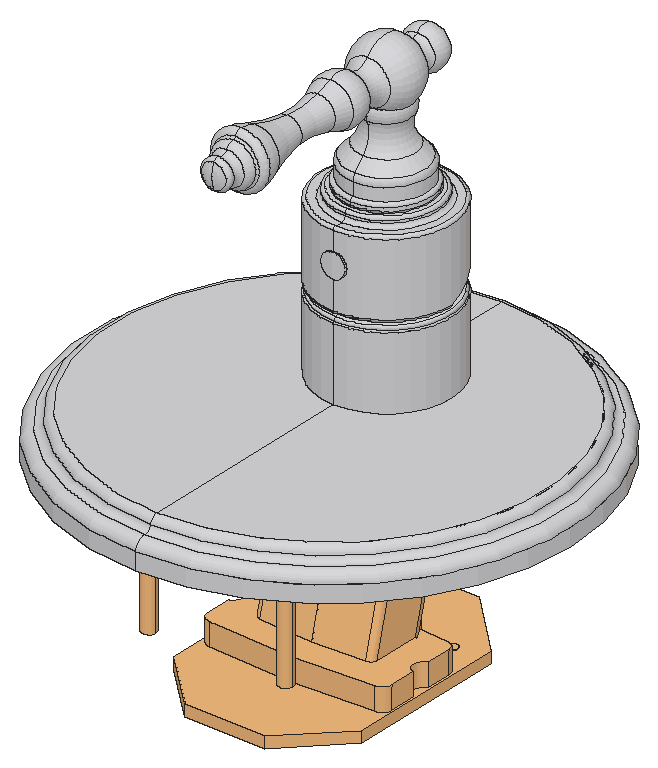
Revit family "Shower-Valve_Trim-KOHLER-MODULO-K-72802T_1", category Plumbing Fixtures, host Face, Revit 2017
Family settings
  Host = Face
  Round Connector Dimension = Use Diameter
  Part Type = Normal
  OmniClass Number = 23.31.25.00
  OmniClass Title = Toilet and Bath Specialties
  Cut with Voids When Loaded = No
  Shared = No
  Room Calculation Point = No
Parameters (values of type "CP-Polished Chrome")
  Width = 7 11/128"  # constant formula
  WaterSense Certified = 1 = 0  # no
  Waste Water Outlet = "Waste Water Outlet"  # constant formula
  Waste Connection = 1 = 0  # no
  Vent Connection = 1 = 0  # no
  URL = "http://www.kohler.com.cn/"
  Type = 1
  Tempered Water Outlet 2 = "Tempered Water Outlet 2"  # constant formula
  Tempered Water Outlet 1 = "Tempered Water Outlet 1"  # constant formula
  Product Page URL = ""
  Product Name = "MODULO"  # constant formula
  Product Documentation Link = ""
  Pressure = 0.00 psi
  Model = "K-72802T-4-CP"  # constant formula
  Material = "Premium Metal Construction"  # constant formula
  Master Format 2014 Name = "Toilet, Bath, and Laundry Accessories"  # constant formula
  Master Format 2014 = "10 28 00"  # constant formula
  Manufacturer Address = "Kohler Beijing Office (100016) 36-2-03-B, No. 88, Liuxiang Road, Beijing"  # constant formula
  Manufacturer = "KOHLER Co."  # constant formula
  Length = 5 9/256"  # constant formula
  Hot Water Inlet = "Hot Water Inlet"  # constant formula
  Height = 7 11/128"  # constant formula
  Handle Clearance = 3 3/16"  # constant formula
  HW Connection = 1 = 1  # yes
  Flow Rate = 0 GPM
  Finish = Kohler-Metal-CP-Polished_Chrome
  Environmental Product Declaration = ""
  Drain Included = 1 = 0  # no
  Description = "CLASSIC SHOWER ONLY TRIM AND VALVE-KELSTON"  # constant formula
  Default Elevation = 42"
  Declare Label = ""
  Date Modified = "07/28/2020"  # constant formula
  Date Created = "07/28/2020"  # constant formula
  Copyright = "Copyright KOHLER Co."  # constant formula
  Contact Us = "http://www.kohler.com.cn/contact/contact-us/"
  Cold Water Inlet = "Cold Water Inlet"  # constant formula
  CW Connection = 1 = 1  # yes
  Assembly Code = "D2010700"
  ADA Compliant = 1 = 0  # no
Reference planes (in)
  plane 1 "Center (Front/Back)": y = 0
  plane 2: z = 0
  plane 3 "Center (Left/Right)": x = 0
  plane 4: y = 3.54331
  plane 5: y = -3.54263
  plane 6: x = -3.54331
  plane 7: x = 3.54263
  plane 8: y = 1.04331
  plane 9: y = -2.14419
  plane 10: y = 2.00793
  plane 11: x = -0.96343
  plane 12: x = 0.96343
  plane 13: z = 0.59055
  plane 14: z = 4.55134
  plane 15: z = 5.03516
  plane 16: z = -2.84375
  plane 17: y = 0.07869
  plane 18: z = 2.91339
  plane 19: z = -2.66757
Forms (in)
  Extrusion 1, void
    sketch origin (0, 0, 0) x (1, 0, 0) y (0, 1, 0)
      loop
        arc (0.9685, -3.01033) -> (1.67561, -2.71744) -> (1.9685, -2.01033) r 1
        line (1.9685, -2.01033) -> (1.9685, 2.01181)
        arc (1.9685, 2.01181) -> (1.67561, 2.71892) -> (0.9685, 3.01181) r 1
        line (0.9685, 3.01181) -> (-0.9685, 3.01181)
        arc (-0.9685, 3.01181) -> (-1.67561, 2.71892) -> (-1.9685, 2.01181) r 1
        line (-1.9685, 2.01181) -> (-1.9685, -2.01033)
        arc (-1.9685, -2.01033) -> (-1.67561, -2.71744) -> (-0.9685, -3.01033) r 1
        line (-0.9685, -3.01033) -> (0.9685, -3.01033)
    from 0 to -2.84375
Dimensions and locks (in)
  "Width": plane 6 to plane 7
  "Height": plane 4 to plane 5
  plane 14 to plane 2 = 4.55134"
  "Length": plane 15 to plane 2
  "Handle Clearance": plane 8 to plane 9
  aligned and locked: plane 2 to host face
  aligned and locked: level to host face
Automatic sketch dimensions
  host sketch curve to host sketch curve = 96"  (x2)
  plane 9 to Extrusion 1 sketch curve = 0.13386"  (x2)
  Extrusion 1 sketch curve to plane 11 = 1.00508"
  Extrusion 1 sketch curve to plane 11 = 0.00508"  (x2)
  Extrusion 1 sketch curve to plane 12 = 0.00508"  (x2)
  Extrusion 1 sketch curve to plane 10 = 0.00388"
Nested families (in)
  nested 1: "K-72802T" at (0, 0, 0), type "K-72802T"
Connectors (in)
  piping at (-0.96343, 1.04331, -2.84375), diameter 0.5, driven by "HW Connection", driven by "Hot Water Inlet", driven by "Flow Rate"
    settings: on nested 1, index 1, connector inside diameter 24", connector length 0", flow factor 0, pipe flow 0 GPM, pressure drop 0.00 psi, fitting loss kfactor 0, connector angle 0.00°, fixture units 0, engagement length 0", angle of deflection 0.00°, flow configuration 0, flow direction 1, fitting loss method 0, system type 19, joint type 0, gender type 0, connector reference index -1, connector utility 1, adjustable connector no, is connector primary yes, connector description "Hot Water Inlet"
  piping at (0.96343, 1.04331, -2.84375), diameter 0.5, driven by "CW Connection", driven by "Cold Water Inlet", driven by "Flow Rate"
    settings: on nested 1, index 2, connector inside diameter 24", connector length 0", flow factor 0, pipe flow 0 GPM, pressure drop 0.00 psi, fitting loss kfactor 0, connector angle 0.00°, fixture units 0, engagement length 0", angle of deflection 0.00°, flow configuration 0, flow direction 1, fitting loss method 0, system type 20, joint type 0, gender type 0, connector reference index -1, connector utility 1, adjustable connector no, is connector primary no, connector description "Cold Water Inlet"
  piping at (0, 0.07869, -2.84375), diameter 0.5, driven by "HW Connection", driven by "Tempered Water Outlet 2", driven by "Flow Rate"
    settings: on nested 1, index 3, connector inside diameter 24", connector length 0", flow factor 0, pipe flow 0 GPM, pressure drop 0.00 psi, fitting loss kfactor 0, connector angle 0.00°, fixture units 0, engagement length 0", angle of deflection 0.00°, flow configuration 0, flow direction 2, fitting loss method 0, system type 19, joint type 0, gender type 0, connector reference index -1, connector utility 1, adjustable connector no, is connector primary no, connector description "Tempered Water Outlet 2"
  piping at (0, 2.00793, -2.84375), diameter 0.5, driven by "HW Connection", driven by "Tempered Water Outlet 1", driven by "Flow Rate"
    settings: on nested 1, index 4, connector inside diameter 24", connector length 0", flow factor 0, pipe flow 0 GPM, pressure drop 0.00 psi, fitting loss kfactor 0, connector angle 0.00°, fixture units 0, engagement length 0", angle of deflection 0.00°, flow configuration 0, flow direction 2, fitting loss method 0, system type 19, joint type 0, gender type 0, connector reference index -1, connector utility 1, adjustable connector no, is connector primary no, connector description "Tempered Water Outlet 1"
Definition of nested family "K-72802T"
  Parameters (values of type "K-72802T")
    Material = none
  Reference planes (in)
    plane 1 "Center (Front/Back)": y = 0
    plane 2: z = 0
    plane 3 "Center (Left/Right)": x = 0
    plane 4: x = -3.54331
    plane 5: x = 3.54331
    plane 6: y = 3.54331
    plane 7: y = -3.54331
    plane 8: y = 1.04331
    plane 9: y = -2.14567
    plane 10: z = 0.59055
    plane 11: z = 4.55134
    plane 12: x = -0.7874
    plane 13: x = 0.7874
    plane 14: z = 5.03659
    plane 15: z = -2.84375
    plane 16: y = 2.00793
    plane 17: y = 0.07869
    plane 18: x = -0.96343
    plane 19: x = 0.96343
  Forms (in)
    Revolve 1, solid, material <- "Material", detail levels medium+fine
      sketch origin (0, 0, 0) x (0, 1, 0) y (0, 0, 1)
        loop
          line (0, 0.59055) -> (0, 0) -> (3.54331, 0) -> (3.54331, 0.24917)
          arc (3.54331, 0.24917) -> (3.49525, 0.35721) -> (3.38283, 0.39385) r 0.14546
          arc (3.38283, 0.39385) -> (3.30959, 0.41558) -> (3.27304, 0.48266) r 0.10004
          arc (3.27304, 0.48266) -> (3.23365, 0.55962) -> (3.15292, 0.59055) r 0.12081
          line (3.15292, 0.59055) -> (0, 0.59055)
        axis (0, 0.59055) -> (0, 0)
      angle from 0 to 360
    Revolve 2, solid, material <- "Material", detail levels medium+fine
      sketch origin (0, 0, 0) x (0, 1, 0) y (0, 0, 1)
        loop
          line (1.04331, 2.18504) -> (0.3553, 2.18504)
          arc (0.3553, 2.18504) -> (0.26929, 2.00604) -> (0.23705, 1.81009) r 0.69947
          arc (0.23705, 1.81009) -> (0.21983, 1.76184) -> (0.1771, 1.7336) r 0.08091
          line (0.1771, 1.7336) -> (0.12428, 1.71945)
          arc (0.12428, 1.71945) -> (0.10201, 1.70166) -> (0.09993, 1.67323) r 0.03559
          arc (0.09993, 1.67323) -> (0.08491, 1.66701) -> (0.07869, 1.65198) r 0.02124
          line (0.07869, 1.65198) -> (0.07869, 0.59055) -> (1.04331, 0.59055) -> (1.04331, 2.18504)
        axis (1.04331, 2.18504) -> (1.04331, 0.59055)
      angle from 0 to 360
    Revolve 3, solid, material <- "Material", detail levels medium+fine
      sketch origin (0, 0, 0) x (0, 1, 0) y (0, 0, 1)
        loop
          arc (2.01056, 4.55134) -> (1.98321, 4.68733) -> (1.9054, 4.80218) r 0.35176
          arc (1.9054, 4.80218) -> (1.75944, 4.86157) -> (1.61397, 4.801) r 0.20701
          arc (1.61397, 4.801) -> (1.51034, 4.76524) -> (1.41823, 4.82466) r 0.12533
          arc (1.41823, 4.82466) -> (1.07482, 5.03399) -> (0.7058, 4.87411) r 0.43703
          arc (0.7058, 4.87411) -> (0.55134, 4.79052) -> (0.38284, 4.84002) r 0.23047
          arc (0.38284, 4.84002) -> (0.20926, 4.91233) -> (0.0239, 4.88066) r 0.33793
          arc (0.0239, 4.88066) -> (-0.08862, 4.8329) -> (-0.20533, 4.79654) r 1.22956
          arc (-0.20533, 4.79654) -> (-0.48174, 4.75204) -> (-0.76161, 4.75919) r 1.51388
          arc (-0.76161, 4.75919) -> (-1.06387, 4.81394) -> (-1.35721, 4.9051) r 2.51744
          arc (-1.35721, 4.9051) -> (-1.48059, 4.9441) -> (-1.60755, 4.96901) r 1.15194
          arc (-1.60755, 4.96901) -> (-1.67485, 4.95189) -> (-1.71105, 4.89263) r 0.09207
          arc (-1.71105, 4.89263) -> (-1.72223, 4.87348) -> (-1.74335, 4.86674) r 0.03092
          arc (-1.74335, 4.86674) -> (-1.81762, 4.85042) -> (-1.87249, 4.79779) r 0.14045
          arc (-1.87249, 4.79779) -> (-1.9382, 4.74884) -> (-2.01913, 4.76159) r 0.10563
          arc (-2.01913, 4.76159) -> (-2.07152, 4.76791) -> (-2.11018, 4.732) r 0.0627
          arc (-2.11018, 4.732) -> (-2.13671, 4.64339) -> (-2.14567, 4.55134) r 0.47763
          line (-2.14567, 4.55134) -> (2.01056, 4.55134)
        axis (2.01056, 4.55134) -> (-2.14567, 4.55134)
      angle from 0 to 360
    Revolve 4, solid, material <- "Material", detail levels medium+fine
      sketch origin (0, 0, 0) x (0, 1, 0) y (0, 0, 1)
        loop
          line (0.10889, 1.78346) -> (1.04331, 1.78346) -> (1.04331, 4.55134) -> (0.76139, 4.55134)
          arc (0.76139, 4.55134) -> (0.74169, 4.47685) -> (0.73107, 4.40054) r 0.64162
          arc (0.73107, 4.40054) -> (0.71769, 4.3156) -> (0.69128, 4.23378) r 0.55169
          arc (0.69128, 4.23378) -> (0.67335, 4.13896) -> (0.69441, 4.04478) r 0.23883
          arc (0.69441, 4.04478) -> (0.72461, 3.81941) -> (0.62625, 3.6144) r 0.39723
          arc (0.62625, 3.6144) -> (0.55172, 3.53358) -> (0.47602, 3.45387) r 7.50681
          arc (0.47602, 3.45387) -> (0.44831, 3.40817) -> (0.44292, 3.355) r 0.12139
          arc (0.44292, 3.355) -> (0.44987, 3.25831) -> (0.44729, 3.16142) r 0.98651
          arc (0.44729, 3.16142) -> (0.41027, 3.15294) -> (0.39379, 3.11872) r 0.04379
          line (0.39379, 3.11872) -> (0.39379, 3.06399)
          arc (0.39379, 3.06399) -> (0.39932, 3.0499) -> (0.41294, 3.04331) r 0.02074
          line (0.41294, 3.04331) -> (0.33545, 3.04331)
          arc (0.33545, 3.04331) -> (0.30644, 3.03129) -> (0.29442, 3.00227) r 0.04103
          line (0.29442, 3.00227) -> (0.29442, 2.97076)
          arc (0.29442, 2.97076) -> (0.27761, 2.93019) -> (0.23704, 2.91339) r 0.05738
          line (0.23704, 2.91339) -> (0.12047, 2.91339)
          arc (0.12047, 2.91339) -> (0.09065, 2.90103) -> (0.07829, 2.87121) r 0.04218
          line (0.07829, 2.87121) -> (0.07829, 1.81407)
          arc (0.07829, 1.81407) -> (0.08725, 1.79243) -> (0.10889, 1.78346) r 0.0306
        axis (1.04331, 4.55134) -> (1.04331, 1.78346)
      angle from 0 to 360
    Extrusion 5, void
      sketch origin (0, 0, 0) x (0, 1, 0) y (0, 0, 1)
        loop
          line (2.1425, 2.24503) -> (0.89217, 1.75353) -> (2.1425, 1.75353) -> (2.1425, 2.24503)
      from -1.10745 to 1.17611
    Extrusion 6, solid, detail levels medium+fine
      sketch origin (0.00225, 0.00359, 0) x (1, 0, 0) y (0, 1, 0)
        loop
          line (-0.97075, -3.0154) -> (0.96626, -3.0154)
          arc (0.96626, -3.0154) -> (1.67336, -2.72251) -> (1.96626, -2.0154) r 1
          line (1.96626, -2.0154) -> (1.96626, 2.00822)
          arc (1.96626, 2.00822) -> (1.67336, 2.71533) -> (0.96626, 3.00822) r 1
          line (0.96626, 3.00822) -> (-0.97075, 3.00822)
          arc (-0.97075, 3.00822) -> (-1.67786, 2.71533) -> (-1.97075, 2.00822) r 1
          line (-1.97075, 2.00822) -> (-1.97075, -2.0154)
          arc (-1.97075, -2.0154) -> (-1.67786, -2.72251) -> (-0.97075, -3.0154) r 1
      from -0.07982 to 0
    Extrusion 7, solid, detail levels medium+fine
      sketch origin (0.00136, 0.0035, 0) x (1, 0, 0) y (0, 1, 0)
        loop
          circle (1.00168, 2.04342) r 0.10271
        loop
          circle (1.00168, -2.05059) r 0.10271
        loop
          circle (-1.00617, 2.04342) r 0.10271
        loop
          circle (-1.00617, -2.05059) r 0.10271
      from -1.79044 to -0.07982
    Sweep 8, solid, detail levels medium+fine
      path origin (-0.00073, 0.01151, -0.00479) x (0, 1, 0) y (0, 0, 1)
        loop
          line (0.78311, -2.79502) -> (1.53342, 0.00517)
      profile origin (-0.00073, 1.16977, -1.39971) x (0, -0.965926, 0.258819) y (1, 0, 0)
        loop
          arc (0.25209, 0.486) -> (0.21961, 0.41977) -> (0.15089, 0.39299) r 0.10156
          line (0.15089, 0.39299) -> (0.11122, 0.39299)
          arc (0.11122, 0.39299) -> (0.04154, 0.36496) -> (0.01069, 0.29648) r 0.10061
          line (0.01069, 0.29648) -> (-0.00149, -0.00225) -> (0.01066, -0.30006)
          arc (0.01066, -0.30006) -> (0.0418, -0.36919) -> (0.11214, -0.39749) r 0.10156
          line (0.11214, -0.39749) -> (0.14307, -0.39749)
          arc (0.14307, -0.39749) -> (0.2118, -0.42427) -> (0.24427, -0.4905) r 0.10156
          line (0.24427, -0.4905) -> (0.26949, -0.78891)
          arc (0.26949, -0.78891) -> (0.30197, -0.85514) -> (0.37069, -0.88192) r 0.10156
          line (0.37069, -0.88192) -> (1.05187, -0.88192)
          arc (1.05187, -0.88192) -> (1.12185, -0.85397) -> (1.1533, -0.7855) r 0.10156
          line (1.1533, -0.7855) -> (1.19295, -0.00225) -> (1.15469, 0.75366)
          arc (1.15469, 0.75366) -> (1.12323, 0.82213) -> (1.05326, 0.85008) r 0.10156
          line (1.05326, 0.85008) -> (0.3762, 0.85008)
          arc (0.3762, 0.85008) -> (0.30747, 0.8233) -> (0.27499, 0.75707) r 0.10156
          line (0.27499, 0.75707) -> (0.25209, 0.486)
    Extrusion 9, solid, detail levels medium+fine
      sketch origin (0.00084, -0.00193, 0) x (1, 0, 0) y (0, 1, 0)
        loop
          arc (0.69439, 0.69724) -> (0.61884, 0.7345) -> (0.5883, 0.81301) r 0.11622
          line (0.5883, 0.81301) -> (0.5883, 0.86632)
          arc (0.5883, 0.86632) -> (0.53381, 1.00191) -> (0.40063, 1.06208) r 0.19594
          line (0.40063, 1.06208) -> (-0.00225, 1.07909) -> (-0.40572, 1.06206)
          arc (-0.40572, 1.06206) -> (-0.53848, 1.00208) -> (-0.5928, 0.86692) r 0.19531
          line (-0.5928, 0.86692) -> (-0.5928, 0.8139)
          arc (-0.5928, 0.8139) -> (-0.62359, 0.73473) -> (-0.69977, 0.69716) r 0.11719
          line (-0.69977, 0.69716) -> (-1.21517, 0.65207)
          arc (-1.21517, 0.65207) -> (-1.31168, 0.60448) -> (-1.35067, 0.5042) r 0.14844
          line (-1.35067, 0.5042) -> (-1.35067, 0.146)
          arc (-1.35067, 0.146) -> (-1.24319, -0.00359) -> (-1.35067, -0.15318) r 0.15784
          line (-1.35067, -0.15318) -> (-1.35067, -0.53234)
          arc (-1.35067, -0.53234) -> (-1.30991, -0.63452) -> (-1.21, -0.68058) r 0.14844
          line (-1.21, -0.68058) -> (-0.00225, -0.74387) -> (1.20551, -0.68058)
          arc (1.20551, -0.68058) -> (1.30541, -0.63452) -> (1.34618, -0.53234) r 0.14844
          line (1.34618, -0.53234) -> (1.34618, -0.15318)
          arc (1.34618, -0.15318) -> (1.23674, -0.00359) -> (1.34618, 0.146) r 0.15696
          line (1.34618, 0.146) -> (1.34618, 0.50371)
          arc (1.34618, 0.50371) -> (1.30704, 0.60435) -> (1.2102, 0.65211) r 0.14896
          line (1.2102, 0.65211) -> (0.69439, 0.69724)
      from -2.82199 to -2.34889
    Extrusion 10, solid, detail levels medium+fine
      sketch origin (-0.00026, 0.06223, 0) x (1, 0, 0) y (0, 1, 0)
        loop
          line (-1.3802, 1.17751) -> (-1.3802, -1.18469) -> (-0.5928, -1.97209) -> (0.5883, -1.97209) -> (1.3757, -1.18469) -> (1.3757, 1.17751) -> (0.46527, 2.08795) -> (-0.46977, 2.08795) -> (-1.3802, 1.17751)
      from -2.84375 to -2.67717
    Extrusion 11, solid, material <- "Material", detail levels medium+fine
      sketch origin (0, 0, 0) x (1, 0, 0) y (0, 0, 1)
        loop
          circle (0, 2.42345) r 0.17717
      from -0.28353 to 0.03914
    Extrusion 12, void
      sketch origin (0, 0, 0) x (1, 0, 0) y (0, 1, 0)
        loop
          line (-0.29378, 0.10181) -> (-0.29378, -0.06663) -> (0.29378, -0.06663) -> (0.29378, 0.10181)
          arc (0.29378, 0.10181) -> (0, 0.058) -> (-0.29378, 0.10181) r 1.00684
      from 2.18504 to 2.76179
    Extrusion 13, void
      sketch origin (0, 0, 0) x (0, 1, 0) y (0, 0, 1)
        loop
          line (1.6905, -0.04345) -> (1.6905, 0.37463) -> (0.25367, 0.37463) -> (0.25367, -0.04345) -> (1.6905, -0.04345)
      from -2.12904 to 2.3774
    Extrusion 14, solid, detail levels coarse
      sketch origin (0, 0, 0) x (1, 0, 0) y (0, 1, 0)
        loop
          line (-1.38046, -1.12246) -> (-0.59306, -1.90987) -> (0.58805, -1.90987) -> (1.37545, -1.12246) -> (1.37545, 1.23974) -> (0.46501, 2.15017) -> (-0.47003, 2.15017) -> (-1.38046, 1.23974) -> (-1.38046, -1.12246)
      from -2.84375 to 0
    Extrusion 15, solid, material <- "Material", detail levels coarse
      sketch origin (0, 0, 0) x (1, 0, 0) y (0, 1, 0)
        loop
          circle (0, 0) r 3.54331
      from 0 to 0.59055
    Revolve 16, solid, material <- "Material", detail levels coarse
      sketch origin (0, 0, 0) x (0, 1, 0) y (0, 0, 1)
        loop
          line (1.04331, 4.55134) -> (0.69441, 4.55134) -> (0.69441, 4.04478) -> (0.44011, 3.54331) -> (0.44011, 3.14961) -> (0.07869, 3.14961) -> (0.07869, 0.59055) -> (1.04331, 0.59055) -> (1.04331, 4.55134)
        axis (1.04331, 4.55134) -> (1.04331, 0.59055)
      angle from 0 to 360
    Revolve 17, solid, material <- "Material", detail levels coarse
      sketch origin (0, 0, 0) x (0, 1, 0) y (0, 0, 1)
        loop
          line (2.01056, 4.55134) -> (2.01056, 4.90171) -> (1.47403, 4.90171) -> (1.47403, 5.03659) -> (0.68663, 5.03659) -> (0.68663, 4.90171) -> (-1.08502, 4.90171) -> (-1.08502, 5.03659) -> (-1.82866, 5.03659) -> (-1.82866, 4.90171) -> (-2.14567, 4.90171) -> (-2.14567, 4.55134) -> (2.01056, 4.55134)
        axis (-2.14567, 4.55134) -> (2.01056, 4.55134)
      angle from 0 to 360
    Extrusion 18, solid, detail levels medium+fine
      sketch origin (0, 0, 0) x (1, 0, 0) y (0, 1, 0)
        loop
          circle (-0.96343, 1.04331) r 0.07874
        loop
          circle (0, 2.00793) r 0.07874
        loop
          circle (0, 0.07869) r 0.07874
        loop
          circle (0.96343, 1.04331) r 0.07874
      from -2.84375 to -2.67717
  Cuts and joins
    Extrusion 5 cuts Revolve 4
    Extrusion 12 cuts Extrusion 11
    joined: Revolve 1, Revolve 2, Revolve 3, Revolve 4, Extrusion 11
    Extrusion 13 cuts Sweep 8
    joined: Extrusion 6, Extrusion 7, Sweep 8
    joined: Extrusion 9, Extrusion 10
    joined: Extrusion 15, Revolve 16, Revolve 17
  Lines and regions (in)
    Masking region 1
      outline origin (0, 0, 0) x (0, 1, 0) y (0, 0, 1)
        loop
          line (2.14972, -2.84375) -> (2.14972, -2.67717) -> (1.08268, -2.67717) -> (1.08268, -2.34889) -> (0.90777, -2.34889) -> (1.51577, -0.07982) -> (1.94429, -0.07982) -> (1.94429, -1.79044) -> (2.14972, -1.79044) -> (2.14972, -0.07982) -> (3.01181, -0.07982) -> (3.01181, 0) -> (-3.01181, 0) -> (-3.01181, -0.07982) -> (-2.14972, -0.07982) -> (-2.14972, -1.79044) -> (-1.94429, -1.79044) -> (-1.94429, -0.07982) -> (0.2792, -0.07982) -> (-0.3288, -2.34889) -> (-0.74028, -2.34889) -> (-0.74028, -2.67717) -> (-1.9685, -2.67717) -> (-1.9685, -2.84375) -> (2.14972, -2.84375)
    Masking region 2
      outline origin (0, 0, 0) x (0, 1, 0) y (0, 0, 1)
        loop
          line (3.54331, 0) -> (3.54331, 0.24917)
          arc (3.54331, 0.24917) -> (3.49525, 0.35721) -> (3.38283, 0.39385) r 0.14546
          arc (3.38283, 0.39385) -> (3.30959, 0.41558) -> (3.27304, 0.48266) r 0.10004
          arc (3.27304, 0.48266) -> (3.23365, 0.55962) -> (3.15292, 0.59055) r 0.12081
          line (3.15292, 0.59055) -> (2.00793, 0.59055) -> (2.00793, 1.65198)
          arc (2.00793, 1.65198) -> (2.00171, 1.66701) -> (1.98668, 1.67323) r 0.02124
          arc (1.98668, 1.67323) -> (1.98461, 1.70166) -> (1.96233, 1.71945) r 0.03559
          line (1.96233, 1.71945) -> (1.90952, 1.7336)
          arc (1.90952, 1.7336) -> (1.86678, 1.76184) -> (1.84956, 1.81009) r 0.08091
          arc (1.84956, 1.81009) -> (1.83014, 1.95995) -> (1.77899, 2.10214) r 0.69947
          line (1.77899, 2.10214) -> (1.98602, 2.18352)
          arc (1.98602, 2.18352) -> (2.00222, 2.19645) -> (2.00832, 2.21626) r 0.03518
          line (2.00832, 2.21626) -> (2.00832, 2.87121)
          arc (2.00832, 2.87121) -> (1.99597, 2.90103) -> (1.96615, 2.91339) r 0.04218
          line (1.96615, 2.91339) -> (1.84957, 2.91339)
          arc (1.84957, 2.91339) -> (1.809, 2.93019) -> (1.7922, 2.97076) r 0.05738
          line (1.7922, 2.97076) -> (1.7922, 3.00227)
          arc (1.7922, 3.00227) -> (1.78018, 3.03129) -> (1.75116, 3.04331) r 0.04103
          line (1.75116, 3.04331) -> (1.67367, 3.04331)
          arc (1.67367, 3.04331) -> (1.6873, 3.0499) -> (1.69282, 3.06399) r 0.02074
          line (1.69282, 3.06399) -> (1.69282, 3.11872)
          arc (1.69282, 3.11872) -> (1.67635, 3.15294) -> (1.63932, 3.16142) r 0.04379
          arc (1.63932, 3.16142) -> (1.63675, 3.25831) -> (1.64369, 3.355) r 0.98651
          arc (1.64369, 3.355) -> (1.6383, 3.40817) -> (1.6106, 3.45387) r 0.12139
          arc (1.6106, 3.45387) -> (1.53489, 3.53358) -> (1.46037, 3.6144) r 7.50681
          arc (1.46037, 3.6144) -> (1.362, 3.81941) -> (1.3922, 4.04478) r 0.39723
          arc (1.3922, 4.04478) -> (1.4133, 4.14249) -> (1.39255, 4.24028) r 0.23883
          arc (1.39255, 4.24028) -> (1.40588, 4.25881) -> (1.41823, 4.27801) r 0.43703
          arc (1.41823, 4.27801) -> (1.51034, 4.33744) -> (1.61397, 4.30167) r 0.12533
          arc (1.61397, 4.30167) -> (1.75944, 4.24111) -> (1.9054, 4.30049) r 0.20701
          arc (1.9054, 4.30049) -> (1.98321, 4.41534) -> (2.01056, 4.55134) r 0.35176
          arc (2.01056, 4.55134) -> (1.98321, 4.68733) -> (1.9054, 4.80218) r 0.35176
          arc (1.9054, 4.80218) -> (1.75944, 4.86157) -> (1.61397, 4.801) r 0.20701
          arc (1.61397, 4.801) -> (1.51034, 4.76524) -> (1.41823, 4.82466) r 0.12533
          arc (1.41823, 4.82466) -> (1.07482, 5.03399) -> (0.7058, 4.87411) r 0.43703
          arc (0.7058, 4.87411) -> (0.55134, 4.79052) -> (0.38284, 4.84002) r 0.23047
          arc (0.38284, 4.84002) -> (0.20926, 4.91233) -> (0.0239, 4.88066) r 0.33793
          arc (0.0239, 4.88066) -> (-0.08862, 4.8329) -> (-0.20533, 4.79654) r 1.22956
          arc (-0.20533, 4.79654) -> (-0.48174, 4.75204) -> (-0.76161, 4.75919) r 1.51388
          arc (-0.76161, 4.75919) -> (-1.06387, 4.81394) -> (-1.35721, 4.9051) r 2.51744
          arc (-1.35721, 4.9051) -> (-1.48059, 4.9441) -> (-1.60755, 4.96901) r 1.15194
          arc (-1.60755, 4.96901) -> (-1.67485, 4.95189) -> (-1.71105, 4.89263) r 0.09207
          arc (-1.71105, 4.89263) -> (-1.72223, 4.87348) -> (-1.74335, 4.86674) r 0.03092
          arc (-1.74335, 4.86674) -> (-1.81762, 4.85042) -> (-1.87249, 4.79779) r 0.14045
          arc (-1.87249, 4.79779) -> (-1.9382, 4.74884) -> (-2.01913, 4.76159) r 0.10563
          arc (-2.01913, 4.76159) -> (-2.07152, 4.76791) -> (-2.11018, 4.732) r 0.0627
          arc (-2.11018, 4.732) -> (-2.13671, 4.64339) -> (-2.14567, 4.55134) r 0.47763
          arc (-2.14567, 4.55134) -> (-2.13671, 4.45928) -> (-2.11018, 4.37067) r 0.47763
          arc (-2.11018, 4.37067) -> (-2.07152, 4.33476) -> (-2.01913, 4.34109) r 0.0627
          arc (-2.01913, 4.34109) -> (-1.9382, 4.35384) -> (-1.87249, 4.30488) r 0.10563
          arc (-1.87249, 4.30488) -> (-1.81762, 4.25225) -> (-1.74335, 4.23593) r 0.14045
          arc (-1.74335, 4.23593) -> (-1.72223, 4.22919) -> (-1.71105, 4.21004) r 0.03092
          arc (-1.71105, 4.21004) -> (-1.67485, 4.15078) -> (-1.60755, 4.13366) r 0.09207
          arc (-1.60755, 4.13366) -> (-1.48059, 4.15858) -> (-1.35721, 4.19757) r 1.15194
          arc (-1.35721, 4.19757) -> (-1.06387, 4.28873) -> (-0.76161, 4.34348) r 2.51744
          arc (-0.76161, 4.34348) -> (-0.48174, 4.35064) -> (-0.20533, 4.30613) r 1.51388
          arc (-0.20533, 4.30613) -> (-0.08862, 4.26978) -> (0.0239, 4.22201) r 1.22956
          arc (0.0239, 4.22201) -> (0.20926, 4.19035) -> (0.38284, 4.26265) r 0.33793
          arc (0.38284, 4.26265) -> (0.54285, 4.31289) -> (0.69455, 4.24136) r 0.23047
          arc (0.69455, 4.24136) -> (0.67332, 4.14309) -> (0.69441, 4.04478) r 0.23883
          arc (0.69441, 4.04478) -> (0.72461, 3.81941) -> (0.62625, 3.6144) r 0.39723
          arc (0.62625, 3.6144) -> (0.55172, 3.53358) -> (0.47602, 3.45387) r 7.50681
          arc (0.47602, 3.45387) -> (0.44831, 3.40817) -> (0.44292, 3.355) r 0.12139
          arc (0.44292, 3.355) -> (0.44987, 3.25831) -> (0.44729, 3.16142) r 0.98651
          arc (0.44729, 3.16142) -> (0.41027, 3.15294) -> (0.39379, 3.11872) r 0.04379
          line (0.39379, 3.11872) -> (0.39379, 3.06399)
          arc (0.39379, 3.06399) -> (0.39932, 3.0499) -> (0.41294, 3.04331) r 0.02074
          line (0.41294, 3.04331) -> (0.33545, 3.04331)
          arc (0.33545, 3.04331) -> (0.30644, 3.03129) -> (0.29442, 3.00227) r 0.04103
          line (0.29442, 3.00227) -> (0.29442, 2.97076)
          arc (0.29442, 2.97076) -> (0.27761, 2.93019) -> (0.23704, 2.91339) r 0.05738
          line (0.23704, 2.91339) -> (0.12047, 2.91339)
          arc (0.12047, 2.91339) -> (0.09065, 2.90103) -> (0.07829, 2.87121) r 0.04218
          line (0.07829, 2.87121) -> (0.07829, 2.62841) -> (0.0581, 2.60061) -> (0.0581, 2.24928) -> (0.07829, 2.22044) -> (0.07829, 1.81407)
          arc (0.07829, 1.81407) -> (0.08725, 1.79243) -> (0.10889, 1.78346) r 0.0306
          line (0.10889, 1.78346) -> (0.23196, 1.78346)
          arc (0.23196, 1.78346) -> (0.21057, 1.75188) -> (0.1771, 1.7336) r 0.08091
          line (0.1771, 1.7336) -> (0.12428, 1.71945)
          arc (0.12428, 1.71945) -> (0.10201, 1.70166) -> (0.09993, 1.67323) r 0.03559
          arc (0.09993, 1.67323) -> (0.08491, 1.66701) -> (0.07869, 1.65198) r 0.02124
          line (0.07869, 1.65198) -> (0.07869, 0.59055) -> (-3.15292, 0.59055)
          arc (-3.15292, 0.59055) -> (-3.23365, 0.55962) -> (-3.27304, 0.48266) r 0.12081
          arc (-3.27304, 0.48266) -> (-3.30959, 0.41558) -> (-3.38283, 0.39385) r 0.10004
          arc (-3.38283, 0.39385) -> (-3.49525, 0.35721) -> (-3.54331, 0.24917) r 0.14546
          line (-3.54331, 0.24917) -> (-3.54331, 0) -> (0, 0) -> (3.54331, 0)
    Masking region 3
      outline origin (0, 0, 0) x (1, 0, 0) y (0, 0, 1)
        loop
          line (3.54331, 0) -> (3.54331, 0.24917)
          arc (3.54331, 0.24917) -> (3.49525, 0.35721) -> (3.38283, 0.39385) r 0.14546
          arc (3.38283, 0.39385) -> (3.30959, 0.41558) -> (3.27304, 0.48266) r 0.10004
          arc (3.27304, 0.48266) -> (3.23365, 0.55962) -> (3.15292, 0.59055) r 0.12081
          line (3.15292, 0.59055) -> (0.96337, 0.59055) -> (0.96337, 1.65198)
          arc (0.96337, 1.65198) -> (0.95714, 1.66701) -> (0.94212, 1.67323) r 0.02124
          arc (0.94212, 1.67323) -> (0.94004, 1.70166) -> (0.91777, 1.71945) r 0.03559
          line (0.91777, 1.71945) -> (0.86496, 1.7336)
          arc (0.86496, 1.7336) -> (0.83148, 1.75188) -> (0.81009, 1.78346) r 0.08091
          line (0.81009, 1.78346) -> (0.93567, 1.78346)
          arc (0.93567, 1.78346) -> (0.96124, 1.79726) -> (0.96376, 1.82621) r 0.0306
          line (0.96376, 1.82621) -> (0.96376, 2.87121)
          arc (0.96376, 2.87121) -> (0.95141, 2.90103) -> (0.92158, 2.91339) r 0.04218
          line (0.92158, 2.91339) -> (0.80501, 2.91339)
          arc (0.80501, 2.91339) -> (0.76444, 2.93019) -> (0.74763, 2.97076) r 0.05738
          line (0.74763, 2.97076) -> (0.74763, 3.00227)
          arc (0.74763, 3.00227) -> (0.73561, 3.03129) -> (0.7066, 3.04331) r 0.04103
          line (0.7066, 3.04331) -> (0.62911, 3.04331)
          arc (0.62911, 3.04331) -> (0.64273, 3.0499) -> (0.64826, 3.06399) r 0.02074
          line (0.64826, 3.06399) -> (0.64826, 3.11872)
          arc (0.64826, 3.11872) -> (0.63179, 3.15294) -> (0.59476, 3.16142) r 0.04379
          arc (0.59476, 3.16142) -> (0.59219, 3.25831) -> (0.59913, 3.355) r 0.98651
          arc (0.59913, 3.355) -> (0.59374, 3.40817) -> (0.56603, 3.45387) r 0.12139
          arc (0.56603, 3.45387) -> (0.49033, 3.53358) -> (0.4158, 3.6144) r 7.50681
          arc (0.4158, 3.6144) -> (0.31744, 3.81941) -> (0.34764, 4.04478) r 0.39723
          arc (0.34764, 4.04478) -> (0.36855, 4.13346) -> (0.35473, 4.22351) r 0.23883
          arc (0.35473, 4.22351) -> (0.44355, 4.74618) -> (0, 5.03659) r 0.48392
          arc (0, 5.03659) -> (-0.44302, 4.7474) -> (-0.35653, 4.22546) r 0.48392
          arc (-0.35653, 4.22546) -> (-0.3711, 4.13449) -> (-0.35015, 4.04478) r 0.23883
          arc (-0.35015, 4.04478) -> (-0.31995, 3.81941) -> (-0.41832, 3.6144) r 0.39723
          arc (-0.41832, 3.6144) -> (-0.49284, 3.53358) -> (-0.56854, 3.45387) r 7.50681
          arc (-0.56854, 3.45387) -> (-0.59625, 3.40817) -> (-0.60164, 3.355) r 0.12139
          arc (-0.60164, 3.355) -> (-0.5947, 3.25831) -> (-0.59727, 3.16142) r 0.98651
          arc (-0.59727, 3.16142) -> (-0.6343, 3.15294) -> (-0.65077, 3.11872) r 0.04379
          line (-0.65077, 3.11872) -> (-0.65077, 3.06399)
          arc (-0.65077, 3.06399) -> (-0.64525, 3.0499) -> (-0.63162, 3.04331) r 0.02074
          line (-0.63162, 3.04331) -> (-0.70911, 3.04331)
          arc (-0.70911, 3.04331) -> (-0.73813, 3.03129) -> (-0.75015, 3.00227) r 0.04103
          line (-0.75015, 3.00227) -> (-0.75015, 2.97076)
          arc (-0.75015, 2.97076) -> (-0.76695, 2.93019) -> (-0.80752, 2.91339) r 0.05738
          line (-0.80752, 2.91339) -> (-0.92409, 2.91339)
          arc (-0.92409, 2.91339) -> (-0.95392, 2.90103) -> (-0.96627, 2.87121) r 0.04218
          line (-0.96627, 2.87121) -> (-0.96627, 2.51147) -> (-0.96627, 1.81407)
          arc (-0.96627, 1.81407) -> (-0.95731, 1.79243) -> (-0.93567, 1.78346) r 0.0306
          line (-0.93567, 1.78346) -> (-0.8126, 1.78346)
          arc (-0.8126, 1.78346) -> (-0.83399, 1.75188) -> (-0.86747, 1.7336) r 0.08091
          line (-0.86747, 1.7336) -> (-0.92028, 1.71945)
          arc (-0.92028, 1.71945) -> (-0.94256, 1.70166) -> (-0.94463, 1.67323) r 0.03559
          arc (-0.94463, 1.67323) -> (-0.95965, 1.66701) -> (-0.96588, 1.65198) r 0.02124
          line (-0.96588, 1.65198) -> (-0.96588, 0.59055) -> (-3.15292, 0.59055)
          arc (-3.15292, 0.59055) -> (-3.23365, 0.55962) -> (-3.27304, 0.48266) r 0.12081
          arc (-3.27304, 0.48266) -> (-3.30959, 0.41558) -> (-3.38283, 0.39385) r 0.10004
          arc (-3.38283, 0.39385) -> (-3.49525, 0.35721) -> (-3.54331, 0.24917) r 0.14546
          line (-3.54331, 0.24917) -> (-3.54331, 0) -> (0, 0) -> (3.54331, 0)
    Masking region 4, detail levels medium+fine
      outline origin (0, 0, 0) x (1, 0, 0) y (0, 0, 1)
        loop
          line (-1.96401, 0) -> (-1.96401, -0.07982) -> (-1.10664, -0.07982) -> (-1.10664, -1.79044) -> (-0.90121, -1.79044) -> (-0.90121, -0.07982) -> (-0.87025, -0.07982) -> (-0.87025, -2.34889) -> (-1.34842, -2.34889) -> (-1.34842, -2.66757) -> (-1.38475, -2.66757) -> (-1.38475, -2.84375) -> (1.38475, -2.84375) -> (1.38475, -2.66757) -> (1.34843, -2.66757) -> (1.34843, -2.34889) -> (0.85219, -2.34889) -> (0.85219, -0.07982) -> (0.90121, -0.07982) -> (0.90121, -1.79044) -> (1.10664, -1.79044) -> (1.10664, -0.07982) -> (1.9685, -0.07982) -> (1.9685, 0) -> (-1.9685, 0)
    Masking region 5
      outline origin (0, 0, 0) x (1, 0, 0) y (0, 1, 0)
        loop
          arc (-3.54331, 0) -> (-2.5055, -2.5055) -> (0, -3.54331) r 3.54331
          arc (0, -3.54331) -> (2.5055, -2.5055) -> (3.54331, 0) r 3.54331
          arc (3.54331, 0) -> (2.5055, 2.5055) -> (0, 3.54331) r 3.54331
          arc (0, 3.54331) -> (-2.5055, 2.5055) -> (-3.54331, 0) r 3.54331
    symbolic lines, detail levels medium+fine
      curve 1: line (0, 2.14963, -0.07982) -> (0, 1.94429, -0.07982)
      curve 2: line (0, 1.52497, -0.07982) -> (0, 0.2884, -0.07982)
      curve 3: line (0, -1.94429, -0.07982) -> (0, -2.14972, -0.07982)
      curve 4: line (0, 1.27054, -0.07982) -> (0, 0.65014, -2.34889)
      curve 5: line (0, 0.90777, -2.34889) -> (0, -0.3288, -2.34889)
      curve 6: line (0, 1.08268, -2.67717) -> (0, -0.74028, -2.67717)
      curve 7: line (0, 0.14407, -2.34889) -> (0, 0.14407, -2.67717)
      curve 8: line (0, -0.15511, -2.34889) -> (0, -0.15511, -2.67717)
      curve 9: line (0, 0.65014, -2.34889) -> (0, 0.65014, -2.67717)
      curve 10: line (0, 1.23974, -2.67717) -> (0, 1.23974, -2.84375)
      curve 11: line (0, -1.12246, -2.67717) -> (0, -1.12246, -2.84375)
      curve 12: line (0, 3.54331, 0.24917) -> (0, -3.54331, 0.24917)
      curve 13: line (0, -3.38283, 0.39385) -> (0, 3.41287, 0.39385)
      curve 14: line (0, 2.00793, 0.59055) -> (0, 0.07869, 0.59055)
      curve 15: line (0, 3.27304, 0.48266) -> (0, -3.27304, 0.48266)
      curve 16: line (0, 1.98668, 1.67323) -> (0, 0.09993, 1.67323)
      curve 17: line (0, 1.96233, 1.71945) -> (0, 0.12428, 1.71945)
      curve 18: line (0, 1.77899, 2.10214) -> (0, 0.99137, 1.79252)
      curve 19: line (0, 0.94162, 1.78311) -> (0, 0.23196, 1.78346)
      curve 20: line (0, 1.84956, 1.81009) -> (0, 1.03605, 1.81009)
      curve 21: line (0, 2.00793, 1.65198) -> (0, 0.07869, 1.65198)
      curve 22: arc (0, 0.07829, 2.62841) -> (0, 0.0973, 2.42442) -> (0, 0.07829, 2.22044) r 1.10394
      curve 23: arc (0, 0.0581, 2.60061) -> (0, 0.07518, 2.42495) -> (0, 0.0581, 2.24928) r 0.91189
      curve 24: line (0, 1.84957, 2.91339) -> (0, 0.23704, 2.91339)
      curve 25: line (0, 1.67367, 3.04331) -> (0, 0.41294, 3.04331)
      curve 26: line (0, 1.63932, 3.16142) -> (0, 0.44729, 3.16142)
      curve 27: line (0, 1.7922, 2.97076) -> (0, 0.29442, 2.97076)
      curve 28: line (0, 1.7922, 3.00227) -> (0, 0.29442, 3.00227)
      curve 29: line (0, 2.00832, 2.87121) -> (0, 0.07829, 2.87121)
      curve 30: line (0, 1.69282, 3.11872) -> (0, 0.39379, 3.11872)
      curve 31: arc (0, 0.99137, 1.79252) -> (0, 0.96694, 1.78548) -> (0, 0.94162, 1.78311) r 0.1358
      curve 32: arc (0, 1.39265, 4.24042) -> (0, 1.04344, 4.2265) -> (0, 0.69423, 4.24066) r 4.34951
      curve 33: line (0, 1.41823, 4.82466) -> (0, 1.41823, 4.27801)
      curve 34: line (0, -1.71105, 4.89263) -> (0, -1.71105, 4.21004)
      curve 35: line (0, -1.74335, 4.86674) -> (0, -1.74335, 4.23593)
      curve 36: line (1.10575, 0, -0.07982) -> (0.90121, 0, -0.07982)
      curve 37: line (0.85219, 0, -0.07982) -> (-0.87025, 0, -0.07982)
      curve 38: line (-0.90121, 0, -0.07982) -> (-1.10664, 0, -0.07982)
      curve 39: line (1.34843, 0, -2.66757) -> (-1.34842, 0, -2.66757)
      curve 40: line (0.85219, 0, -2.34889) -> (-0.87025, 0, -2.34889)
      curve 41: line (0.58915, 0, -2.34889) -> (0.58915, 0, -2.66757)
      curve 42: line (-0.58915, 0, -2.34889) -> (-0.58915, 0, -2.66757)
      curve 43: line (0, 0, -0.07982) -> (0, 0, -2.84375)
      curve 44: line (0.39241, 0, -0.07982) -> (0.39241, 0, -2.34889)
      curve 45: line (-0.39241, 0, -0.07982) -> (-0.39241, 0, -2.34889)
      curve 56: line (3.54331, 0, 0.24917) -> (-3.54331, 0, 0.24917)
      curve 57: line (3.38283, 0, 0.39385) -> (-3.38283, 0, 0.39385)
      curve 58: line (3.27304, 0, 0.48266) -> (-3.27304, 0, 0.48266)
      curve 59: line (0.96337, 0, 0.59055) -> (-0.96588, 0, 0.59055)
      curve 60: line (0.94338, 0, 1.67323) -> (-0.94463, 0, 1.67323)
      curve 61: line (0.96337, 0, 1.65198) -> (-0.96588, 0, 1.65198)
      curve 62: line (0.91777, 0, 1.71945) -> (-0.92028, 0, 1.71945)
      curve 63: spline (0, 0, 2.10198) -> (0.10478, 0, 2.0997) -> (0.20784, 0, 2.09244) -> (0.30743, 0, 2.08031) -> (0.40183, 0, 2.06353) -> (0.48943, 0, 2.04237) -> (0.56872, 0, 2.01721) -> (0.63835, 0, 1.98848) -> (0.69713, 0, 1.95667) -> (0.74404, 0, 1.92232) -> (0.77828, 0, 1.88602) -> (0.79927, 0, 1.84839) -> (0.80664, 0, 1.81009)
      curve 64: spline (-0.80664, 0, 1.81009) -> (-0.79927, 0, 1.84839) -> (-0.77828, 0, 1.88602) -> (-0.74404, 0, 1.92232) -> (-0.69713, 0, 1.95667) -> (-0.63835, 0, 1.98848) -> (-0.56872, 0, 2.01721) -> (-0.48943, 0, 2.04237) -> (-0.40183, 0, 2.06353) -> (-0.30743, 0, 2.08031) -> (-0.20784, 0, 2.09244) -> (-0.10478, 0, 2.0997) -> (0, 0, 2.10198)
      curve 65: spline (0.93573, 0, 1.9102) -> (0.90541, 0, 1.94839) -> (0.86396, 0, 1.98515) -> (0.81189, 0, 2.02006) -> (0.74979, 0, 2.0527) -> (0.6784, 0, 2.0827) -> (0.59856, 0, 2.10968) -> (0.5112, 0, 2.13335) -> (0.41735, 0, 2.15342) -> (0.31812, 0, 2.16966) -> (0.21467, 0, 2.18187) -> (0.10821, 0, 2.18992) -> (0, 0, 2.1937)
      curve 66: arc (0.80664, 0, 1.81009) -> (0.80759, 0, 1.79668) -> (0.81009, 0, 1.78346) r 0.11613
      curve 67: arc (-0.80664, 0, 1.81009) -> (-0.80759, 0, 1.79668) -> (-0.81009, 0, 1.78346) r 0.11613
      curve 68: arc (0.96376, 0, 1.82621) -> (0.9549, 0, 1.86992) -> (0.93573, 0, 1.9102) r 0.18314
      curve 69: spline (-0.93573, 0, 1.9102) -> (-0.90541, 0, 1.94839) -> (-0.86396, 0, 1.98515) -> (-0.81189, 0, 2.02006) -> (-0.74979, 0, 2.0527) -> (-0.6784, 0, 2.0827) -> (-0.59856, 0, 2.10968) -> (-0.5112, 0, 2.13335) -> (-0.41735, 0, 2.15342) -> (-0.31812, 0, 2.16966) -> (-0.21467, 0, 2.18187) -> (-0.10821, 0, 2.18992) -> (0, 0, 2.1937)
      curve 70: arc (-0.96376, 0, 1.82621) -> (-0.9549, 0, 1.86992) -> (-0.93573, 0, 1.9102) r 0.18314
      curve 71: line (0.80664, 0, 1.81009) -> (-0.80664, 0, 1.81009)
      curve 72: line (0.80501, 0, 2.91339) -> (-0.80752, 0, 2.91339)
      curve 73: line (0.74763, 0, 2.97076) -> (-0.75015, 0, 2.97076)
      curve 74: line (0.74763, 0, 3.00227) -> (-0.75015, 0, 3.00227)
      curve 75: line (0.62911, 0, 3.04331) -> (-0.63162, 0, 3.04331)
      curve 76: line (0.59476, 0, 3.16142) -> (-0.59727, 0, 3.16142)
      curve 77: line (0.64826, 0, 3.11872) -> (-0.65077, 0, 3.11872)
      curve 78: line (0.64826, 0, 3.06399) -> (-0.65077, 0, 3.06399)
      curve 79: line (0, 1.69282, 3.06399) -> (0, 0.39379, 3.06399)
      curve 80: arc (0.35473, 0, 4.22351) -> (0, 0, 4.24153) -> (-0.35473, 0, 4.22351) r 3.50001
      curve 81: circle (0, 0, 4.55134) r 0.30366 normal (0, -1, 0)
      curve 82: circle (-0.00298, 0, 0) r 3.45037 normal (0, 0, 1)
      curve 83: circle (0, 0, 0) r 3.37393 normal (0, 0, 1)
      curve 84: circle (0, 0, 0) r 3.27791 normal (0, 0, 1)
      curve 85: arc (0.35476, 0.14629, 0) -> (0, 2.00793, 0) -> (-0.35476, 0.14629, 0) r 0.96462
      curve 86: arc (-0.30779, 1.72989, 0) -> (-0.75241, 1.04144, 0) -> (-0.30437, 0.3552, 0) r 0.75242
      curve 87: arc (-0.25611, 1.63547, 0) -> (-0.64515, 1.03841, 0) -> (-0.24708, 0.44733, 0) r 0.64517
      curve 88: arc (-0.22783, 1.59406, 0) -> (-0.59601, 1.04613, 0) -> (-0.23303, 0.49473, 0) r 0.59602
      curve 89: arc (-0.2634, 1.89177, 0) -> (-0.14394, 1.9776, 0) -> (0, 2.00793, 0) r 0.35671
      curve 90: arc (-0.25745, 1.63683, 0) -> (-0.31159, 1.7631, 0) -> (-0.2634, 1.89177, 0) r 0.18442
      curve 91: arc (-0.28153, 1.41272, 0) -> (-0.42973, 1.25382, 0) -> (-0.48353, 1.04331, 0) r 0.43879
      curve 92: arc (-0.28153, 1.41272, 0) -> (-0.21579, 1.519, 0) -> (-0.25745, 1.63683, 0) r 0.14459
      curve 93: arc (-0.48353, 1.04331, 0) -> (-0.4385, 0.85062, 0) -> (-0.31273, 0.69786, 0) r 0.43474
      curve 94: arc (-0.31273, 0.69786, 0) -> (-0.23183, 0.5584, 0) -> (-0.27324, 0.40259, 0) r 0.21064
      curve 95: arc (-0.27324, 0.40259, 0) -> (-0.354, 0.18945, 0) -> (-0.30464, -0.03307, 0) r 0.39822
      curve 96: arc (-0.30464, -0.03307, 0) -> (-0.24836, -0.16234, 0) -> (-0.21833, -0.30009, 0) r 0.72083
      curve 97: arc (-0.21833, -0.30009, 0) -> (-0.20416, -0.61219, 0) -> (-0.23451, -0.92313, 0) r 2.19121
      curve 98: arc (-0.23451, -0.92313, 0) -> (-0.30602, -1.24318, 0) -> (-0.40983, -1.55426, 0) r 3.20777
      curve 99: arc (-0.40983, -1.55426, 0) -> (-0.40713, -1.65025, 0) -> (-0.33622, -1.715, 0) r 0.1229
      curve 100: arc (-0.33622, -1.715, 0) -> (-0.32054, -1.72705, 0) -> (-0.31503, -1.74604, 0) r 0.03175
      curve 101: arc (-0.31503, -1.74604, 0) -> (-0.29738, -1.81914, 0) -> (-0.24449, -1.8726, 0) r 0.14021
      curve 102: arc (-0.18433, -2.10785, 0) -> (-0.09409, -2.13612, 0) -> (0, -2.14567, 0) r 0.46814
      curve 103: arc (-0.24449, -1.8726, 0) -> (-0.19468, -1.93945, 0) -> (-0.20978, -2.02143, 0) r 0.10427
      curve 104: arc (-0.20978, -2.02143, 0) -> (-0.21739, -2.07063, 0) -> (-0.18433, -2.10785, 0) r 0.05846
      curve 105: arc (0.2634, 1.89177, 0) -> (0.14394, 1.9776, 0) -> (0, 2.00793, 0) r 0.35671
      curve 106: arc (0.25745, 1.63683, 0) -> (0.31159, 1.7631, 0) -> (0.2634, 1.89177, 0) r 0.18442
      curve 107: arc (0.28153, 1.41272, 0) -> (0.42973, 1.25382, 0) -> (0.48353, 1.04331, 0) r 0.43879
      curve 108: arc (0.28153, 1.41272, 0) -> (0.21579, 1.519, 0) -> (0.25745, 1.63683, 0) r 0.14459
      curve 109: arc (0.48353, 1.04331, 0) -> (0.4385, 0.85062, 0) -> (0.31273, 0.69786, 0) r 0.43474
      curve 110: arc (0.31273, 0.69786, 0) -> (0.23183, 0.5584, 0) -> (0.27324, 0.40259, 0) r 0.21064
      curve 111: arc (0.27324, 0.40259, 0) -> (0.354, 0.18945, 0) -> (0.30464, -0.03307, 0) r 0.39822
      curve 112: arc (0.30464, -0.03307, 0) -> (0.24836, -0.16234, 0) -> (0.21833, -0.30009, 0) r 0.72083
      curve 113: arc (0.21833, -0.30009, 0) -> (0.20416, -0.61219, 0) -> (0.23451, -0.92313, 0) r 2.19121
      curve 114: arc (0.23451, -0.92313, 0) -> (0.30602, -1.24318, 0) -> (0.40983, -1.55426, 0) r 3.20777
      curve 115: arc (0.40983, -1.55426, 0) -> (0.40713, -1.65025, 0) -> (0.33622, -1.715, 0) r 0.1229
      curve 116: arc (0.33622, -1.715, 0) -> (0.32054, -1.72705, 0) -> (0.31503, -1.74604, 0) r 0.03175
      curve 117: arc (0.31503, -1.74604, 0) -> (0.29738, -1.81914, 0) -> (0.24449, -1.8726, 0) r 0.14021
      curve 118: arc (0.18433, -2.10785, 0) -> (0.09409, -2.13612, 0) -> (0, -2.14567, 0) r 0.46814
      curve 119: arc (0.24449, -1.8726, 0) -> (0.19468, -1.93945, 0) -> (0.20978, -2.02143, 0) r 0.10427
      curve 120: arc (0.20978, -2.02143, 0) -> (0.21739, -2.07063, 0) -> (0.18433, -2.10785, 0) r 0.05846
      curve 121: arc (0.23303, 0.49473, 0) -> (0.59601, 1.04613, 0) -> (0.22783, 1.59406, 0) r 0.59602
      curve 122: arc (0.24708, 0.44733, 0) -> (0.64515, 1.03841, 0) -> (0.25611, 1.63547, 0) r 0.64517
      curve 123: arc (0.30437, 0.3552, 0) -> (0.75241, 1.04144, 0) -> (0.30779, 1.72989, 0) r 0.75242
      curve 124: line (-0.28153, 1.41272, 0) -> (0.28153, 1.41272, 0)
      curve 125: line (-0.33622, -1.715, 0) -> (0.33622, -1.715, 0)
      curve 126: line (-0.31503, -1.74604, 0) -> (0.31503, -1.74604, 0)
      curve 127: line (0.46501, 0, -2.84375) -> (0.46501, 0, -2.66757)
      curve 128: line (-0.46501, 0, -2.84375) -> (-0.46501, 0, -2.66757)
    symbolic lines, detail levels coarse
      curve 46: line (0, 0, -1.06407) -> (0.48193, 0, -0.83934)
      curve 47: line (0, 0, -1.06407) -> (0.48193, 0, -1.2888)
      curve 48: line (0.48193, 0, -0.83934) -> (0.48193, 0, -1.2888)
      curve 49: line (0, 0, -1.06407) -> (-0.48193, 0, -0.83934)
      curve 50: line (0, 0, -1.06407) -> (-0.48193, 0, -1.2888)
      curve 51: line (-0.48193, 0, -0.83934) -> (-0.48193, 0, -1.2888)
      curve 52: line (0, 0, -1.06407) -> (0, 0, -1.65462)
      curve 53: line (0, 0, -1.65462) -> (0.28917, 0, -1.65462)
      curve 54: line (0, 0, -1.65462) -> (-0.28917, 0, -1.65462)
      curve 55: arc (0.28917, 0, -1.65462) -> (0, 0, -1.82714) -> (-0.28917, 0, -1.65462) r 0.32861
  Dimensions and locks (in)
    locked: plane 8 to plane 9 at 3.18898
    plane 11 to level = 4.55134"
    locked: plane 10 to level at 0.59055
    aligned and locked: plane 2 to level
